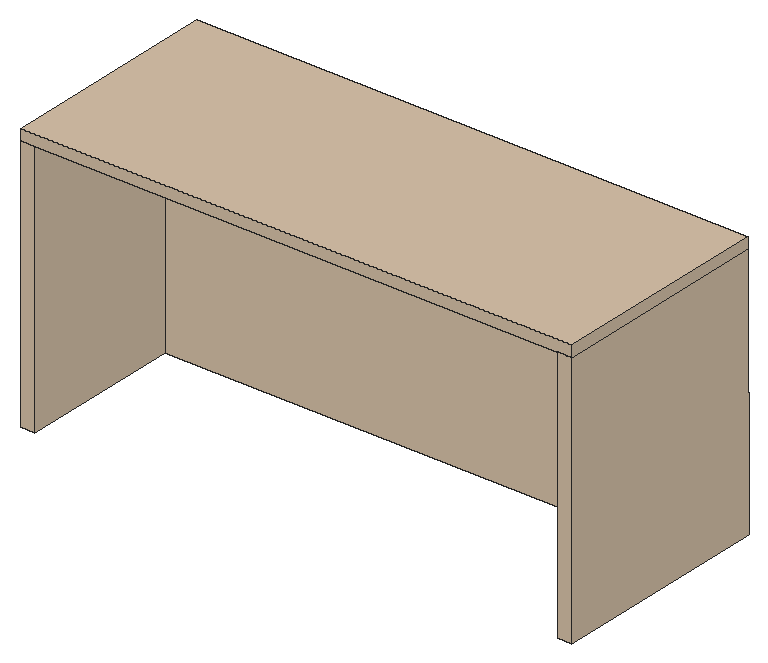
Revit family "Haworth_Masters_Desk_Shell", category Furniture Systems, Revit 2018
Family settings
  Round Connector Dimension = Use Diameter
  Part Type = Normal
  OmniClass Number = 23.40.70.14.64.21
  OmniClass Title = Systems Furniture
  Work Plane-Based = No
  Always vertical = Yes
  Cut with Voids When Loaded = No
  Shared = No
  Room Calculation Point = No
Parameters (values of type "Shell")
  Worksurface Finish = Haworth _ Wood _ White Oak
  Work Surface = yes
  Width = 60"
  Warranty = "http://www.haworth.com/resources/product-info/warranties"
  URL - Product = "http://www.haworth.com/products/desks/freestanding/masters-series"
  Sustainability Info = "http://www.haworth.com/company-info/sustainablility"
  Standard Depths = "36 in."  # constant formula
  Panel Thickness = 3/4"  # constant formula
  Modesty Inset = 5 1/2"  # constant formula
  Model = "Haworth - Masters - Desk Shell"  # constant formula
  URL = "www.haworth.com"
  Size = "Verify Final Dim. w/ Haworth"  # constant formula
  Revision Number = "2"  # constant formula
  Min. Width = 30"  # constant formula
  Max. Width = 120"  # constant formula
  Min. Depth = 19"  # constant formula
  Max. Depth = 36"  # constant formula
  Manufacturer = "Haworth"  # constant formula
  End Panel Right = yes
  End Panel Left = yes
  Edge Finish = Haworth _ Wood _ White Oak
  Description = "Haworth - Masters - Desk Shell"  # constant formula
  Depth = 24"
  Custom Size = not(and(or(Width = 30", Width = 36", Width = 42", Width = 48", Width = 54", Width = 60", Width = 66", Width = 72", Width = 78", Width = 84", Width = 90", Width = 96", Width = 102", Width = 108", Width = 114", Width = 120"), and(or(Depth = 19", Depth = 24", Depth = 30"))))  # no
  Cabinet Finish = Haworth _ Wood _ White Oak
  Author = "Haworth (Hampton)"  # constant formula
  Assembly Code = "E2020200"
  Actual Width = if(Width < Min. Width, Min. Width, if(Width > Max. Width, Max. Width, Width))  # 60"
  Actual Height = 29 1/8"  # constant formula
  Actual Depth = if(Depth < Min. Depth, Min. Depth, if(Depth > Max. Depth, Max. Depth, Depth))  # 24"
  Standard Widths = "72 in."  # constant formula
Reference planes (in)
  plane 1 "Back": y = -10
  plane 2: z = 0
  plane 3 "Center": x = 29.0625
  plane 4 "Top": z = 29.125
  plane 5 "Bottom of Top": z = 27.875
  plane 6 "Front": y = -34
  plane 7 "Left Side": x = -0.9375
  plane 8 "Right Side": x = 59.0625
  plane 9 "L-Support Right Out": x = 57.53125
  plane 10: x = 57.53125
  plane 11 "One High Bottom": z = 0
  plane 12: x = 0.59375
  plane 13 "Modesty Front": y = -15.5
  plane 14 "Modesty Back": y = -16.25
Forms (in)
  Extrusion 1, solid, material "Haworth _ Wood _ White Oak" <- "Worksurface Finish", visible <- "Work Surface"
    sketch origin (0, 0, 29.125) x (0, 1, 0) y (-1, 0, 0)
      loop
        line (-34, 0.9375) -> (-34, -59.0625) -> (-10, -59.0625) -> (-10, 0.9375) -> (-34, 0.9375)
    from 0 to -1.25
  Extrusion 2, solid, material "Haworth _ Wood _ White Oak" <- "Cabinet Finish"
    sketch origin (0, -5.5, 0) x (1, 0, 0) y (0, 1, 0)
      loop
        line (0.59375, -10) -> (0.59375, -10.75) -> (57.53125, -10.75) -> (57.53125, -10) -> (0.59375, -10)
    from 0 to 27.875
  Extrusion 3, solid, material "Haworth _ Wood _ White Oak" <- "Cabinet Finish", visible <- "End Panel Right"
    sketch origin (71.0625, 20.31207, 48) x (0, 1, 0) y (0, 0, 1)
      loop
        line (-30.31207, -20.125) -> (-54.31207, -20.125) -> (-54.31207, -48) -> (-30.31207, -48) -> (-30.31207, -20.125)
    from -13.53125 to -12
  Extrusion 4, solid, material "Haworth _ Wood _ White Oak" <- "Cabinet Finish", visible <- "End Panel Left"
    sketch origin (-12.9375, 20.31207, 48) x (0, 1, 0) y (0, 0, -1)
      loop
        line (-30.31207, 20.125) -> (-30.31207, 48) -> (-54.31207, 48) -> (-54.31207, 20.125) -> (-30.31207, 20.125)
    from -13.53125 to -12
Lines and regions (in)
  Masking region 1, visible <- "Work Surface"
    outline origin (0, 0, 27.875) x (0, 1, 0) y (-1, 0, 0)
      loop
        line (-10, -59.0625) -> (-10, 0.9375) -> (-34, 0.9375) -> (-34, -59.0625) -> (-10, -59.0625)
  symbolic lines, style "Haworth Hidden", visible <- "End Panel Right", detail levels fine
    curve 1: line (57.53125, -34, 0) -> (57.53125, -10, 0)
  symbolic lines, style "Haworth Hidden", detail levels fine
    curve 2: line (0.59375, -15.5, 0) -> (57.53125, -15.5, 0)
    curve 3: line (57.53125, -16.25, 0) -> (0.59375, -16.25, 0)
  symbolic lines, style "Haworth Hidden", not visible, detail levels fine
    curve 4: line (57.53125, -15.5, 0) -> (57.53125, -16.25, 0)
  symbolic lines, style "Haworth Hidden", visible <- "End Panel Left", detail levels fine
    curve 5: line (0.59375, -34, 0) -> (0.59375, -10, 0)
Dimensions and locks (in)
  "Actual Height": plane 4 "Top" to level
  "Actual Depth": plane 1 "Back" to plane 6 "Front"
  equal spacing: plane 7 "Left Side", plane 3 "Center", plane 8 "Right Side"
  "Actual Width": plane 7 "Left Side" to plane 8 "Right Side"
  locked: plane 4 "Top" to plane 5 "Bottom of Top" at 1.25
  locked: plane 11 "One High Bottom" to level
  locked: plane 8 "Right Side" to plane 10 at 1.53125
  locked: plane 7 "Left Side" to plane 12 at 1.53125
  "Modesty Inset": plane 13 "Modesty Front" to plane 1 "Back"
  "Panel Thickness": plane 14 "Modesty Back" to plane 13 "Modesty Front"
  aligned and locked: level to plane 2
  aligned and locked: plane 6 "Front" to Extrusion 1 sketch curve
  aligned and locked: Extrusion 1 sketch curve to plane 8 "Right Side"
  aligned and locked: plane 1 "Back" to Extrusion 1 sketch curve
  aligned and locked: plane 10 to curve 1
  aligned and locked: Extrusion 3 to plane 10
  aligned and locked: plane 8 "Right Side" to Extrusion 3
  aligned and locked: Extrusion 4 to plane 7 "Left Side"
  aligned and locked: Extrusion 4 to plane 12
  aligned and locked: Extrusion 4 to plane 1 "Back"
  aligned and locked: Extrusion 3 to plane 1 "Back"
  aligned and locked: plane 12 to Extrusion 2
  aligned and locked: Extrusion 4 to plane 6 "Front"
  aligned and locked: Extrusion 3 to plane 6 "Front"
  aligned and locked: plane 13 "Modesty Front" to Extrusion 2
  aligned and locked: Extrusion 2 to plane 14 "Modesty Back"
  aligned and locked: plane 5 "Bottom of Top" to Extrusion 2
  aligned and locked: Extrusion 2 to plane 2
  aligned and locked: plane 10 to Extrusion 2
  aligned and locked: plane 5 "Bottom of Top" to Extrusion 3
  aligned and locked: Extrusion 3 to plane 11 "One High Bottom"
  aligned and locked: Extrusion 4 to plane 11 "One High Bottom"
  aligned and locked: plane 5 "Bottom of Top" to Extrusion 4
  aligned and locked: Extrusion 1 to plane 5 "Bottom of Top"
  aligned and locked: plane 4 "Top" to Extrusion 1
  aligned and locked: Extrusion 1 to plane 7 "Left Side"
  aligned and locked: plane 9 "L-Support Right Out" to plane 10
Automatic sketch dimensions
  Extrusion 1 sketch curve to plane 7 "Left Side" = 0"
  Extrusion 2 sketch curve to plane 8 "Right Side" = 1 17/32"
  plane 1 "Back" to Extrusion 2 sketch curve = 5 1/2"
  plane 5 "Bottom of Top" to Extrusion 3 sketch curve = 0"
  Extrusion 3 sketch curve to plane 11 "One High Bottom" = 0"
  plane 5 "Bottom of Top" to Extrusion 4 sketch curve = 0"
  Extrusion 4 sketch curve to plane 11 "One High Bottom" = 0"
  plane 7 "Left Side" to Extrusion 2 sketch curve = 1 17/32"
  curve 3 to plane 12 = 0"
  curve 2 to plane 9 "L-Support Right Out" = 0"
  curve 5 to plane 6 "Front" = 0"
  plane 6 "Front" to curve 1 = 0"
  plane 1 "Back" to curve 5 = 0"
  plane 1 "Back" to curve 1 = 0"
  curve 3 to curve 4 = 3/4"
  curve 4 to curve 1 = 6 1/4"
  Extrusion 2 sketch curve to Extrusion 2 sketch curve = 3/4"
  Extrusion 3 sketch curve to plane 1 "Back" = 0"
  Extrusion 4 sketch curve to plane 1 "Back" = 0"
  Masking region 1 sketch curve to plane 8 "Right Side" = 0"
  Masking region 1 sketch curve to plane 7 "Left Side" = 0"
  plane 1 "Back" to Masking region 1 sketch curve = 0"
  Masking region 1 sketch curve to plane 6 "Front" = 0"
  Extrusion 3 sketch curve to plane 6 "Front" = 0"
  Extrusion 4 sketch curve to plane 6 "Front" = 0"
